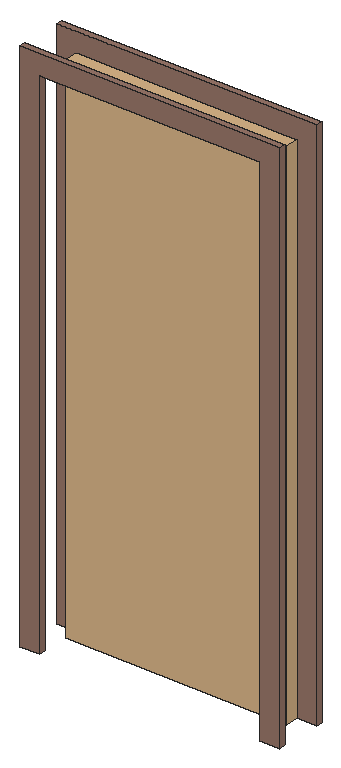
Revit family "M_Door-Single-Panel", category Doors, host Wall, Revit 2022
Family settings
  Host = Wall
  OmniClass Number = 23.30.10.00
  OmniClass Title = Doors
  Always vertical = Yes
  Cut with Voids When Loaded = No
  Shared = No
  Room Calculation Point = No
Parameters (values of type "850 x 2000mm")
  Visual Light Transmittance = 0
  Thickness = 50 mm
  Thermal Resistance (R) = 0.455703 (m²·K)/W
  Swing Angle [instance] = 90.00°
  Solar Heat Gain Coefficient = 0
  Define Thermal Properties by = Schematic Type
  Construction Type Id = "DOOR"
  Heat Transfer Coefficient (U) = 2.19465 W/(m²·K)
  Function = Interior
  Assembly Code = "C1020300"
  Panel Material = Wood - Birch - Solid Stained Light Low Gloss
  Trim Material = Paint - Sienna
  Height = 2000 mm
  Trim Projection Ext = 25 mm
  Trim Projection Int = 25 mm
  Trim Width = 80 mm
  Wall Closure = By host
  Width = 850 mm
  Analytic Construction = "Wooden"
Reference planes
  plane 1 "Center(Front/Back)": y = 0
  plane 2: z = 0
  plane 3 "Center (Left/Right)": x = 0
  plane 4 "Left": x = -425
  plane 5 "Right": x = 425
  plane 6 "Top": z = 2000
  plane 7: y = 76.2
Forms (mm)
  Extrusion 1, solid, material "Wood - Birch - Solid Stained Light Low Gloss" <- "Panel Material"
    sketch origin (0, 0, 0) x (1, 0, 0) y (0, 0, 1)
      loop
        line (-425, 2000) -> (-425, 0) -> (425, 0) -> (425, 2000) -> (-425, 2000)
    from -76.2 to -26.2
  Extrusion 2, solid, material "Paint - Sienna" <- "Trim Material", detail levels fine
    sketch origin (-1524, -76.2, 0) x (1, 0, 0) y (0, 0, 1)
      loop
        line (1022.8, 2076.2) -> (1022.8, 0) -> (1099, 0) -> (1099, 2000) -> (1949, 2000) -> (1949, 0) -> (2025.2, 0) -> (2025.2, 2076.2) -> (1022.8, 2076.2)
    from 0 to 25
  Extrusion 3, solid, material "Paint - Sienna" <- "Trim Material", detail levels fine
    sketch origin (-1524, 76.2, 0) x (-1, 0, 0) y (0, 0, 1)
      loop
        line (-2025.2, 2076.2) -> (-2025.2, 0) -> (-1949, 0) -> (-1949, 2000) -> (-1099, 2000) -> (-1099, 0) -> (-1022.8, 0) -> (-1022.8, 2076.2) -> (-2025.2, 2076.2)
    from 0 to 25
Lines and regions (mm)
  Opening 1
    outline origin (-1524, -76.2, 3657.6) x (0, 0, -1) y (1, 0, 0)
      loop
        line (1657.6, 1099) -> (3657.6, 1099) -> (3657.6, 1949) -> (1657.6, 1949) -> (1657.6, 1099)
  symbolic lines, style "Elevation Swing"
    curve 1: line (-425, 0, 2000) -> (425, 0, 1000)
    curve 2: line (-425, 0, 0) -> (425, 0, 1000)
Dimensions and locks
  equal spacing: plane 4 "Left", plane 3 "Center (Left/Right)", plane 5 "Right"
  "Width": plane 4 "Left" to plane 5 "Right"
  "Height": plane 6 "Top" to plane 2
  "Trim Projection Ext": Extrusion 3 to host wall
  "Trim Projection Int": Extrusion 2 to host wall
  "Thickness": Extrusion 1 to host wall
  equal spacing: plane 6 "Top", curve 2, level
  aligned and locked: host wall to Extrusion 1
  aligned and locked: Extrusion 2 to Extrusion 3 sketch curve
  aligned and locked: Extrusion 3 sketch curve to Extrusion 2  (x2)
  aligned and locked: plane 7 to host wall
  aligned and locked: plane 7 to Extrusion 1
  aligned and locked: nested 1 to plane 7
  aligned and locked: nested 1 to plane 5 "Right"
Automatic sketch dimensions
  Opening 1 sketch curve to plane 6 "Top" = 0 mm
  Opening 1 sketch curve to level = 0 mm
  Opening 1 sketch curve to plane 4 "Left" = 0 mm
  Opening 1 sketch curve to plane 5 "Right" = 0 mm
  Extrusion 1 sketch curve to plane 4 "Left" = 0 mm
  Extrusion 1 sketch curve to plane 5 "Right" = 0 mm
  Extrusion 1 sketch curve to level = 0 mm
  Extrusion 1 sketch curve to plane 6 "Top" = 0 mm
  Extrusion 2 sketch curve to level = 0 mm  (x2)
  Extrusion 2 sketch curve to plane 4 "Left" = 0 mm
  Extrusion 2 sketch curve to plane 5 "Right" = 0 mm
  Extrusion 2 sketch curve to plane 6 "Top" = 0 mm
  Extrusion 3 sketch curve to level = 0 mm  (x2)
  Extrusion 3 sketch curve to plane 5 "Right" = 0 mm
  Extrusion 3 sketch curve to plane 4 "Left" = 0 mm
  Extrusion 3 sketch curve to plane 6 "Top" = 0 mm
  curve 1 to plane 4 "Left" = 0 mm
  curve 1 to plane 6 "Top" = 0 mm
  curve 2 to plane 5 "Right" = 0 mm
  curve 2 to level = 0 mm
  curve 2 to plane 4 "Left" = 0 mm
  plane 4 "Left" to Extrusion 2 sketch curve = 76.2 mm
  Extrusion 2 sketch curve to Extrusion 2 sketch curve = 76.2 mm
  Extrusion 2 sketch curve to plane 6 "Top" = 76.2 mm
Nested families
  nested 1: "Door Swing-Single" at (425, 76.2, 0), Swing Angle <- "Swing Angle", type "Single"
    with Swing Visible yes, Swing Angle 90.00°, Actual Angle 90.00°
Definition of nested family "Door Swing-Single"
  Parameters (values of type "Single")
    Width = 900 mm
    Thickness = 45 mm
    Swing Visible [instance] = Swing Angle > 1.00°  # yes
    Swing Angle [instance] = 45.00°
    Assembly Code = ""
    Analytic Construction = "<None>"
    Actual Angle [instance] = if(Swing Angle < 1.00°, 1.00°, Swing Angle)  # 45.00°
  Reference planes
    plane 1 "Center (Front/Back)": y = 0
    plane 2: z = 0
    plane 3 "Center (Left/Right)": x = 0
    plane 4: x = -900
  Lines and regions (mm)
    Masking region 1
      outline origin (0, 0, 0) x (-0.707107, 0.707107, 0) y (-0.707107, -0.707107, 0)
        loop
          line (0, 0) -> (900, 0) -> (900, 45) -> (0, 45) -> (0, 0)
    symbolic lines
      curve 1: line (0, 0, 0) -> (-900, 0, 0)
    symbolic lines, visible <- "Swing Visible"
      curve 2: arc (-900, 0, 0) -> (-831.492, 344.415, 0) -> (-636.396, 636.396, 0) r 900
    reference lines
      curve 3: line (0, 0, 0) -> (-636.396, 636.396, 0)
    model lines
      curve 4: line (0, 0, 0) -> (0, 0, 25.4)
  Dimensions and locks
    "Width": plane 4 to plane 3 "Center (Left/Right)"
    locked: curve 2 to plane 3 "Center (Left/Right)"
    locked: curve 2 to plane 1 "Center (Front/Back)"
    "Width": curve 3 to curve 3
    "Thickness": Masking region 1 sketch curve to Masking region 1 sketch curve
    locked: curve 4 to plane 2 at 25.4
    "Width": radius of curve 2
    "Actual Angle": angle curve 2 to curve 2
    "Swing Angle": angle curve 3 to plane 1 "Center (Front/Back)"
    aligned and locked: curve 1 to plane 1 "Center (Front/Back)"
    aligned and locked: plane 3 "Center (Left/Right)" to curve 1
    aligned and locked: plane 3 "Center (Left/Right)" to curve 3
    aligned and locked: plane 1 "Center (Front/Back)" to curve 3
    aligned and locked: curve 3 to Masking region 1 sketch curve
    aligned and locked: Masking region 1 sketch curve to curve 3  (x2)
    aligned and locked: plane 3 "Center (Left/Right)" to curve 4
    aligned and locked: plane 2 to curve 4
